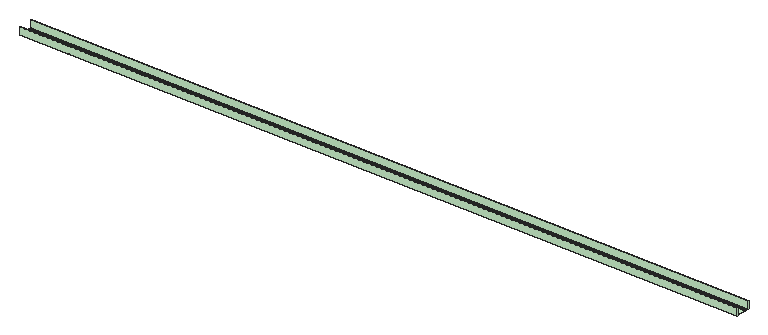
Revit family "runner_wr75", category 機械設備, Revit 2022
Family settings
  丸型コネクタ寸法 = 直径を使用
  種別 = なし
  パーツ タイプ = 標準
  作業面ベース = いいえ
  常に垂直 = はい
  ロード時にボイドで切り取り = いいえ
  注釈の向きを維持 = いいえ
  共有 = いいえ
  部屋計算ポイント = いいえ
Parameters
  製造元 = "株式会社桐井製作所"
  既定の高さ = 0 mm
  URL = "https://www.kirii.co.jp/"
  K_長さ(mm) [instance] = 4000 mm
  K_材質 = "SGCCまたはSGHC　一般用"
  K_断面積A(mm2) = 123.5
  K_断面係数Zy(mm3) = 3124
  K_断面係数Zx(mm3) = 692
  K_断面2次半径iy(mm) = 31.2
  K_断面2次半径ix(mm) = 12.8
  K_断面2次モーメントIy(mm4) = 120300
  K_断面2次モーメントIx(mm4) = 20380
  K_外形寸法(mm) = "77×40×0.8"
  K_品名 = "WR-75"
  K_名称 = "ランナー"
  K_単位質量(kg/m) = 0.998
  K_ヤング係数E(N/mm2) = 205000
  K_バージョン情報 = "20210524"
  K_めっき付着量 = "Z12"
  K_JIS規格 = "JIS G 3302"
  K_JIS外 [instance] = not(K_JIS)  # no
  K_JIS [instance] = yes
Reference planes
  plane 1 "中心(正面/背面)": y = 0
  plane 2: z = 0
  plane 3 "中心(左/右)": x = 0
  plane 4: x = 4000
  plane 5: y = 38.5
  plane 6: y = -38.5
  plane 7: z = 39.981
Forms (mm)
  Extrusion 1, solid
    sketch origin (0, 0, 0) x (0, 1, 0) y (0, 0, 1)
      loop
        line (18.481, 0) -> (19.281, 0.8) -> (27.681, 0.8) -> (28.5, -0.019) -> (38.5, -0.019) -> (38.5, 39.981) -> (37.7, 39.981) -> (37.7, 0.8) -> (28.812, 0.8) -> (28.012, 1.6) -> (18.949, 1.6) -> (18.149, 0.8) -> (-18.169, 0.8) -> (-18.969, 1.6) -> (-28.031, 1.6) -> (-28.831, 0.8) -> (-37.7, 0.8) -> (-37.7, 39.962) -> (-38.5, 39.962) -> (-38.5, 0) -> (-28.5, 0) -> (-27.7, 0.8) -> (-19.3, 0.8) -> (-18.5, 0) -> (18.481, 0)
    from 0 to 4000
Dimensions and locks
  "K_長さ(mm)": plane 3 "中心(左/右)" to plane 4
  aligned and locked: level to plane 2
  aligned and locked: plane 4 to Extrusion 1
  aligned and locked: plane 5 to Extrusion 1
  aligned and locked: Extrusion 1 to plane 6
Automatic sketch dimensions
  Extrusion 1 sketch curve to plane 6 = 0 mm
  Extrusion 1 sketch curve to level = 0 mm  (x2)
  Extrusion 1 sketch curve to plane 5 = 0 mm
  plane 6 to Extrusion 1 sketch curve = 0.8 mm
  level to Extrusion 1 sketch curve = 0.8 mm  (x5)
  Extrusion 1 sketch curve to Extrusion 1 sketch curve = 8.869 mm
  Extrusion 1 sketch curve to Extrusion 1 sketch curve = 0.331 mm  (x7)
  Extrusion 1 sketch curve to Extrusion 1 sketch curve = 0.8 mm  (x5)
  Extrusion 1 sketch curve to Extrusion 1 sketch curve = 8.4 mm  (x2)
  Extrusion 1 sketch curve to plane 1 "中心(正面/背面)" = 18.149 mm
  level to Extrusion 1 sketch curve = 1.6 mm
  Extrusion 1 sketch curve to level = 0.019 mm
  Extrusion 1 sketch curve to Extrusion 1 sketch curve = 0.819 mm
  Extrusion 1 sketch curve to Extrusion 1 sketch curve = 39.162 mm
  Extrusion 1 sketch curve to Extrusion 1 sketch curve = 39.181 mm
  Extrusion 1 sketch curve to Extrusion 1 sketch curve = 0.312 mm
